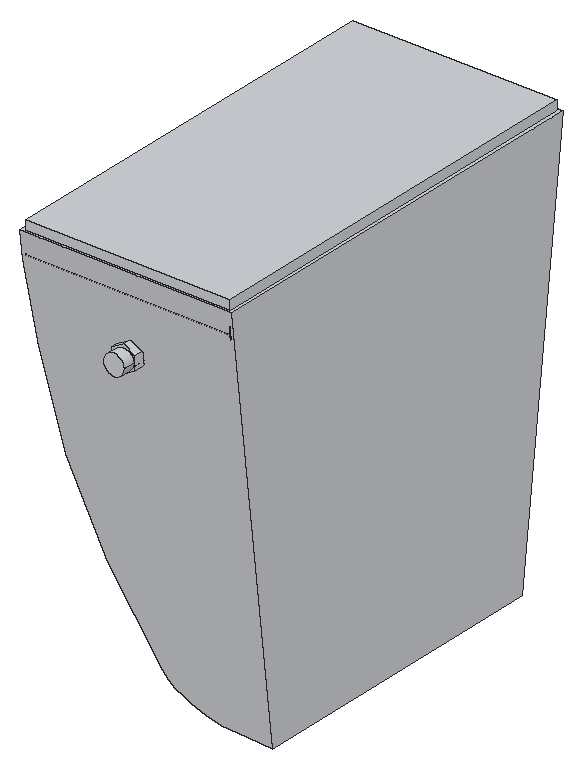
Revit family "0049944_3250lm", category Lighting Fixtures, host Face, Revit 2018
Family settings
  Host = Face
  Round Connector Dimension = Use Diameter
  Part Type = Normal
  OmniClass Number = 23.80.70.00
  OmniClass Title = Lighting
  Cut with Voids When Loaded = No
  Light Source = Yes
  Shared = No
  Room Calculation Point = No
Parameters (values of type "0049944 MURO SURF IP65 1700-3250LM 840 PH GR")
  Weight = "n/a"
  Wattage Comments = ""
  Wattage = 0 W
  WarrantyStartDate [instance] = "n/a"
  WarrantyGuarantorParts = "n/a"
  WarrantyDurationUnit = "n/a"
  WarrantyDurationParts = ""
  WarrantyDescription = "http://www.sylvania-lighting.com"
  built-in parameter 1150110 = 1 (stored number, unit not read)
  Voltage = 0 V
  URL = "0.9"
  TypeName = "Muro Surface IP65 1700-3250lm 840 PH Grey"
  Type Image = <None>
  Type Comments = "n/a"
  built-in parameter 1114217 = 1 (stored number, unit not read)
  Tilt Angle = -90.00°
  built-in parameter 1150109 = 1 (stored number, unit not read)
  built-in parameter 1150134 = 12
  built-in parameter 1150113 = 1 (stored number, unit not read)
  SerialNumber [instance] = "n/a"
  Photometric Web File = "0049944_3250lm.IES"
  Material_3_SYL = none
  PowerFactor = 0.95
  PowerConsumption = "Lighting"
  NominalLength = 155 mm
  NominalHeight = 305 mm
  NominalDepth = 155 mm
  Name = "Muro Surface IP65 1700-3250lm 840 PH Grey"
  ModelReference = Name  # "Muro Surface IP65 1700-3250lm 840 PH Grey"
  ModelNumber = "0049944"
  Model = Name  # "Muro Surface IP65 1700-3250lm 840 PH Grey"
  Material = "Feilo Sylvania"
  ManufacturerName = "116 lm/W"
  Manufacturer = ""
  LuminousEfficacy = ""
  built-in parameter 1150105 = (empty or 0)
  Lumens = 0 lm
  LuminaireType = "0"
  built-in parameter 1150115 = 1 (stored number, unit not read)
  LightOutputRatio = "LED"
  built-in parameter 1150137 = (empty or 0)
  built-in parameter 1150139 = (empty or 0)
  LampsType = Lamp  # "n/a"
  LampNominalLuminous = "4000 K"
  LampMacAdamStep = "80"
  LampColourTemperature = "LED"
  LampColourRenderingIndex = "16500"
  built-in parameter 1150112 = 1 (stored number, unit not read)
  built-in parameter 1150114 = 1 (stored number, unit not read)
  Lamp = "n/a"
  Keynote = "n/a"
  InstallationDate [instance] = "n/a"
  InputVoltage = "0"
  InputNominalFrequency = "4000"
  built-in parameter 1150132 = (empty or 0)
  built-in parameter 1150102 = (empty or 0)
  built-in parameter 1150107 = 4000 (stored number, unit not read)
  built-in parameter 1150138 = (empty or 0)
  IngressProtection = "IfcLightFixtureType"
  ImpactProtectionIndex = "IfcLightFixtureType"
  built-in parameter 1150106 = (empty or 0)
  IfcExportType = "IfcLightFixtureType"
  IfcExportAs = "Class I"
  Emit from Circle Diameter = 609.6 mm
  Emit Shape Visible in Rendering = no
  ElectricShockClassification = "116"
  built-in parameter 1150104 = 10.591 (stored number, unit not read)
  DocumentationLiterature = "http://www.sylvania-lighting.com/product/en-int/products/0049944"
  DimmingControlOptions = "n/a"
  Material_2_SYL = none
  Dimming Lamp Color Temperature Shift = <None>
  Description = "Muro Surface is a wall mounted fixture for exterior lighting applications. Comes with aluminium housing in RAL7016 anthracite grey colour, frosted PC diffuser, IP65, IK10, Class I, 4000K, non-dimmable multipower driver with 5 settings, 1700 / 1900 / 2750 / 3150 / 3250 lm, 14 / 16 / 24 / 27 / 28 W, up to 121 lm/W total system efficacy, switchable built in Mini photocell, CRI80, Asymmetrical beam, 119.000 hrs L70B50 lifespan, 304 x 305 x 155 mm (L x W x D) dimensions, 4.1 kg weight."
  Default Elevation = 1219.2 mm
  CreatedOn = "27/06/2022"
  CreatedBy = "@sylvania-lighting.com"
  Cost = 0
  Color Filter = 16777215
  built-in parameter 1114216 [instance] = (empty or 0)
  ClassificationValue = "EF_70_80"
  ClassificationName = "Uniclass2015"
  Material_1_SYL = none
  BarCode [instance] = "n/a"
  built-in parameter 1114218 = 1 (stored number, unit not read)
  built-in parameter 1150133 = 10 (stored number, unit not read)
  AssetType = "Fixed"
  AssetIdentifier [instance] = "n/a"
  Assembly Code = "D5020200"
  Apparent Load = 28 VA
  Material_4_SYL = none
Reference planes
  plane 1 "Center (Front/Back)": y = 0
  plane 2: z = 0
  plane 3 "Center (Left/Right)": x = 0
  plane 4: x = -78
  plane 5: x = 78
  plane 6: z = -305
  plane 7: y = 150
  plane 8: y = -150
  plane 9: x = -75
  plane 10: x = 75
  plane 11: y = 115
  plane 12: y = -115
  plane 13: z = -65
  plane 14: x = -2
Forms (mm)
  Extrusion 1, solid
    sketch origin (0, 0, 0) x (1, 0, 0) y (0, 0, 1)
      loop
        line (78, -310) -> (78, -6.48) -> (-78, -6.48) -> (-78, -26.48) -> (-72.235, -85.387)
        arc (-72.235, -85.387) -> (-48.397, -189.323) -> (-0.704, -284.698) r 448.659
        arc (-0.704, -284.698) -> (5.844, -292.285) -> (14.114, -297.948) r 38.9
        line (14.114, -297.948) -> (19.517, -300.701)
        arc (19.517, -300.701) -> (35.277, -306.672) -> (51.956, -309.091) r 77.403
        line (51.956, -309.091) -> (78, -310)
    from -152 to 152
  Extrusion 2, solid
    sketch origin (0, 0, 0) x (1, 0, 0) y (0, 1, 0)
      loop
        line (75, 150) -> (-75, 150) -> (-75, -150) -> (75, -150) -> (75, 150)
    from -26.48 to 0
  Extrusion 3, void
    sketch origin (319, 1524, 1219.2) x (0, 1, 0) y (0, 0, 1)
      loop
        line (-1412.802, -1554.876) -> (-1285.02, -1554.876) -> (-1262, -1225.68) -> (-1372, -1225.68) -> (-1412.802, -1554.876)
    from -490.123 to 1
  Extrusion 4, void
    sketch origin (319, -1524, 1219.2) x (0, -1, 0) y (0, 0, -1)
      loop
        line (-1412.802, 1554.876) -> (-1372, 1225.68) -> (-1262, 1225.68) -> (-1285.02, 1554.876) -> (-1412.802, 1554.876)
    from -490.123 to 1
  Extrusion 5, solid
    sketch origin (0, 0, 0) x (1, 0, 0) y (0, 0, 1)
      loop
        circle (-2, -65) r 7.5
    from 0 to 160.393
  Extrusion 6, solid
    sketch origin (0, 0, 0) x (1, 0, 0) y (0, 0, 1)
      loop
        line (-2, -55) -> (-10.66, -60) -> (-10.66, -70) -> (-2, -75) -> (6.66, -70) -> (6.66, -60) -> (-2, -55)
    from 0 to 152
Cuts and joins
  Extrusion 3, Extrusion 4 cuts Extrusion 1
  Extrusion 4 cuts Extrusion 2
Dimensions and locks
  aligned and locked: plane 2 to host face
  aligned and locked: level to host face
Connectors
  electrical at (78, 0, -158.24)
    settings: on cut or joined group of Extrusion 1, Extrusion 3, Extrusion 4, index 1, voltage 0 V, apparent load 0 VA, apparent load phase1 0 VA, apparent load phase2 0 VA, apparent load phase3 0 VA, power factor 1, load classification "Other", number of poles 1, system type 31, power factor state 1, is connector primary yes, connector utility no, sub classification motor no, connector description ""
